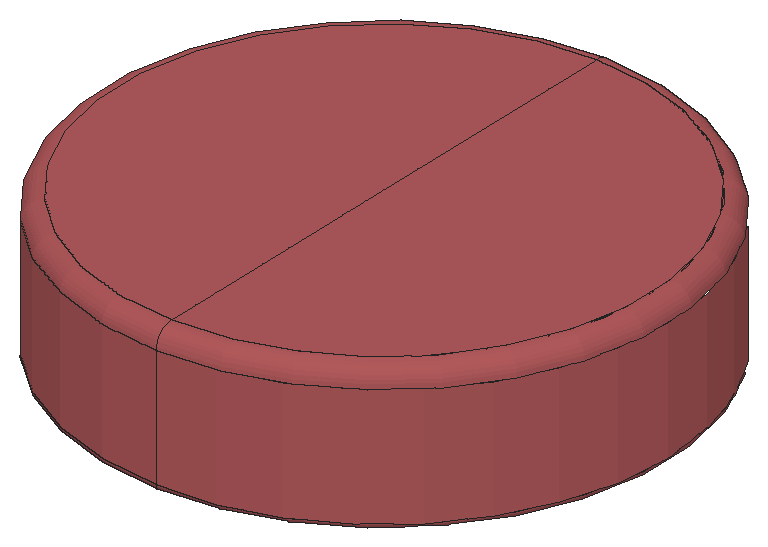
Revit family "Dot 15in Rocking", category Generic Models, Revit 2018
Family settings
  Can host rebar = No
  Round Connector Dimension = Use Diameter
  Part Type = Normal
  Work Plane-Based = No
  Always vertical = Yes
  Cut with Voids When Loaded = No
  Shared = No
  Room Calculation Point = No
Parameters
  Fabric = Dot 15" Rocking Fabric
Reference planes (in)
  plane 1 "Center (Front/Back)": y = 0
  plane 2: z = 0
  plane 3 "Center (Left/Right)": x = 0
Forms (in)
  Revolve 1, solid, material "Dot-Rocking Base"
    sketch origin (0, 0, 0) x (0, 1, 0) y (0, 0, 1)
      loop
        line (0, 1.27726) -> (-6.69085, 1.27726)
        arc (-6.69085, 1.27726) -> (-6.73259, 1.25997) -> (-6.74988, 1.21822) r 0.05903
        line (-6.74988, 1.21822) -> (-6.74988, 1.02136)
        arc (-6.74988, 1.02136) -> (-6.70952, 0.92392) -> (-6.61208, 0.88356) r 0.1378
        line (-6.61208, 0.88356) -> (-6.47663, 0.88356)
        arc (-6.47663, 0.88356) -> (-3.26831, 0.22191) -> (0, 0) r 24.17922
        line (0, 0) -> (0, 1.27726)
      axis (0, 1.27726) -> (0, 0)
    angle from 0 to 360
  Revolve 2, solid, material "Dot 15" Rocking Fabric" <- "Fabric"
    sketch origin (0, 0, 0.78222) x (0, 1, 0) y (0, 0, 1)
      loop
        line (0, 4.29788) -> (-7.00037, 4.29788)
        arc (-7.00037, 4.29788) -> (-7.35387, 4.15145) -> (-7.5003, 3.79795) r 0.49993
        line (-7.5003, 3.79795) -> (-7.5003, 0.62005)
        arc (-7.5003, 0.62005) -> (-7.46369, 0.53165) -> (-7.37529, 0.49504) r 0.12501
        line (-7.37529, 0.49504) -> (0, 0.49504) -> (0, 4.29788)
      axis (0, 4.29788) -> (0, 0.49504)
    angle from 0 to 360
Dimensions and locks (in)
  aligned and locked: plane 2 to level
